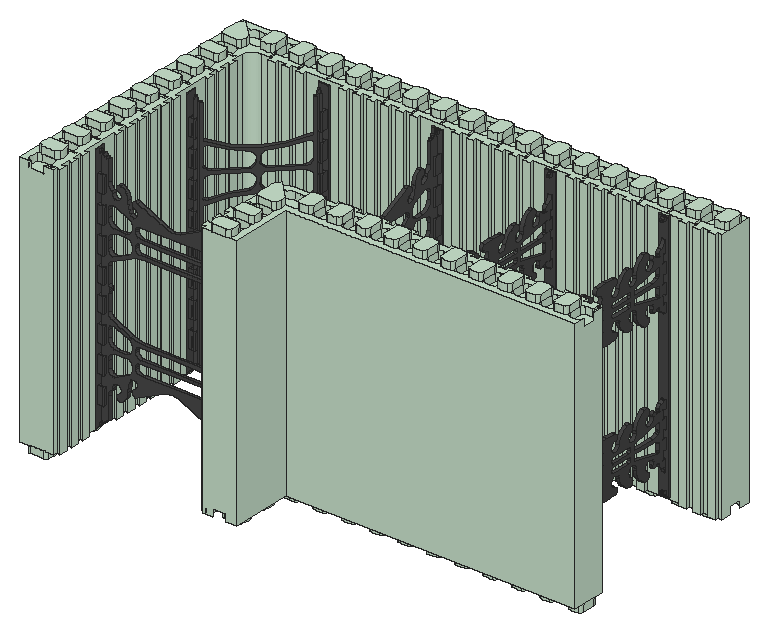
Revit family (continued)
Definition of nested family "NUDURA Diamond Pattern Missing Left Line"
  Lines and regions (in)
    model lines
      curve 126: line (4.29059, -5.625, 4.64142) -> (4.634, -5.625, 4.98484)
      curve 127: line (3.35367, -5.625, 4.98484) -> (3.69709, -5.625, 4.64142)
      curve 128: arc (3.35367, -5.625, 5.51517) -> (3.24384, -5.625, 5.25) -> (3.35367, -5.625, 4.98484) r 0.375
      curve 129: line (3.69709, -5.625, 5.85858) -> (3.35367, -5.625, 5.51517)
      curve 130: arc (4.17062, -5.625, 5.80178) -> (3.99384, -5.625, 5.875) -> (3.81706, -5.625, 5.80178) r 0.25
      curve 131: line (3.81706, -5.625, 5.80178) -> (3.44206, -5.625, 5.42678)
      curve 132: arc (3.44206, -5.625, 5.42678) -> (3.36884, -5.625, 5.25) -> (3.44206, -5.625, 5.07322) r 0.25
      curve 133: line (3.44206, -5.625, 5.07322) -> (3.81706, -5.625, 4.69822)
      curve 134: arc (3.81706, -5.625, 4.69822) -> (3.99384, -5.625, 4.625) -> (4.17062, -5.625, 4.69822) r 0.25
      curve 135: line (4.17062, -5.625, 4.69822) -> (4.54562, -5.625, 5.07322)
      curve 136: arc (4.54562, -5.625, 5.07322) -> (4.61884, -5.625, 5.25) -> (4.54562, -5.625, 5.42678) r 0.25
      curve 137: line (4.54562, -5.625, 5.42678) -> (4.17062, -5.625, 5.80178)
      curve 138: arc (3.69709, -5.625, 4.35858) -> (3.75567, -5.625, 4.5) -> (3.69709, -5.625, 4.64142) r 0.2
      curve 139: line (4.634, -5.625, 4.01517) -> (4.29059, -5.625, 4.35858)
      curve 140: arc (4.634, -5.625, 3.48484) -> (4.74384, -5.625, 3.75) -> (4.634, -5.625, 4.01517) r 0.375
      curve 141: line (4.29059, -5.625, 3.14142) -> (4.634, -5.625, 3.48484)
      curve 142: line (3.35367, -5.625, 3.48484) -> (3.69709, -5.625, 3.14142)
      curve 143: arc (3.35367, -5.625, 4.01517) -> (3.24384, -5.625, 3.75) -> (3.35367, -5.625, 3.48484) r 0.375
      curve 144: line (3.69709, -5.625, 4.35858) -> (3.35367, -5.625, 4.01517)
      curve 145: arc (4.17062, -5.625, 4.30178) -> (3.99384, -5.625, 4.375) -> (3.81706, -5.625, 4.30178) r 0.25
      curve 146: line (3.81706, -5.625, 4.30178) -> (3.44206, -5.625, 3.92678)
      curve 147: arc (3.44206, -5.625, 3.92678) -> (3.36884, -5.625, 3.75) -> (3.44206, -5.625, 3.57322) r 0.25
      curve 148: line (3.44206, -5.625, 3.57322) -> (3.81706, -5.625, 3.19822)
      curve 149: arc (3.81706, -5.625, 3.19822) -> (3.99384, -5.625, 3.125) -> (4.17062, -5.625, 3.19822) r 0.25
      curve 150: line (4.17062, -5.625, 3.19822) -> (4.54562, -5.625, 3.57322)
      curve 151: arc (4.54562, -5.625, 3.57322) -> (4.61884, -5.625, 3.75) -> (4.54562, -5.625, 3.92678) r 0.25
      curve 152: line (4.54562, -5.625, 3.92678) -> (4.17062, -5.625, 4.30178)
      curve 153: arc (3.69709, -5.625, 2.85858) -> (3.75567, -5.625, 3) -> (3.69709, -5.625, 3.14142) r 0.2
      curve 154: line (4.634, -5.625, 2.51517) -> (4.29059, -5.625, 2.85858)
      curve 155: arc (4.634, -5.625, 1.98484) -> (4.74384, -5.625, 2.25) -> (4.634, -5.625, 2.51517) r 0.375
      curve 156: line (4.29059, -5.625, 1.64142) -> (4.634, -5.625, 1.98484)
      curve 157: line (3.35367, -5.625, 1.98484) -> (3.69709, -5.625, 1.64142)
      curve 158: arc (3.35367, -5.625, 2.51517) -> (3.24384, -5.625, 2.25) -> (3.35367, -5.625, 1.98484) r 0.375
      curve 159: line (3.69709, -5.625, 2.85858) -> (3.35367, -5.625, 2.51517)
      curve 160: arc (4.17062, -5.625, 2.80178) -> (3.99384, -5.625, 2.875) -> (3.81706, -5.625, 2.80178) r 0.25
      curve 161: line (3.81706, -5.625, 2.80178) -> (3.44206, -5.625, 2.42678)
      curve 162: arc (3.44206, -5.625, 2.42678) -> (3.36884, -5.625, 2.25) -> (3.44206, -5.625, 2.07322) r 0.25
      curve 163: line (3.44206, -5.625, 2.07322) -> (3.81706, -5.625, 1.69822)
      curve 164: arc (3.81706, -5.625, 1.69822) -> (3.99384, -5.625, 1.625) -> (4.17062, -5.625, 1.69822) r 0.25
      curve 165: line (4.17062, -5.625, 1.69822) -> (4.54562, -5.625, 2.07322)
      curve 166: arc (4.54562, -5.625, 2.07322) -> (4.61884, -5.625, 2.25) -> (4.54562, -5.625, 2.42678) r 0.25
      curve 167: line (4.54562, -5.625, 2.42678) -> (4.17062, -5.625, 2.80178)
      curve 168: arc (3.69709, -5.625, 1.35858) -> (3.75567, -5.625, 1.5) -> (3.69709, -5.625, 1.64142) r 0.2
      curve 169: line (3.69709, -5.625, 1.35858) -> (3.35367, -5.625, 1.01517)
      curve 170: arc (3.35367, -5.625, 1.01517) -> (3.24384, -5.625, 0.75) -> (3.35367, -5.625, 0.48484) r 0.375
      curve 171: line (3.35367, -5.625, 0.48484) -> (3.72867, -5.625, 0.10984)
      curve 172: arc (3.72867, -5.625, 0.10984) -> (3.99384, -5.625, 0) -> (4.259, -5.625, 0.10984) r 0.375
      curve 173: line (4.259, -5.625, 0.10984) -> (4.634, -5.625, 0.48484)
      curve 174: arc (4.634, -5.625, 0.48484) -> (4.74384, -5.625, 0.75) -> (4.634, -5.625, 1.01517) r 0.375
      curve 175: line (4.634, -5.625, 1.01517) -> (4.29059, -5.625, 1.35858)
      curve 176: arc (4.29059, -5.625, 1.64142) -> (4.23201, -5.625, 1.5) -> (4.29059, -5.625, 1.35858) r 0.2
      curve 177: arc (4.17062, -5.625, 1.30178) -> (3.99384, -5.625, 1.375) -> (3.81706, -5.625, 1.30178) r 0.25
      curve 178: line (4.54562, -5.625, 0.92678) -> (4.17062, -5.625, 1.30178)
      curve 179: arc (4.54562, -5.625, 0.57322) -> (4.61884, -5.625, 0.75) -> (4.54562, -5.625, 0.92678) r 0.25
      curve 180: line (4.17062, -5.625, 0.19822) -> (4.54562, -5.625, 0.57322)
      curve 181: arc (3.81706, -5.625, 0.19822) -> (3.99384, -5.625, 0.125) -> (4.17062, -5.625, 0.19822) r 0.25
      curve 182: line (3.44206, -5.625, 0.57322) -> (3.81706, -5.625, 0.19822)
      curve 183: arc (3.44206, -5.625, 0.92678) -> (3.36884, -5.625, 0.75) -> (3.44206, -5.625, 0.57322) r 0.25
      curve 184: line (3.81706, -5.625, 1.30178) -> (3.44206, -5.625, 0.92678)
      curve 185: arc (4.29059, -5.625, 3.14142) -> (4.23201, -5.625, 3) -> (4.29059, -5.625, 2.85858) r 0.2
      curve 186: arc (4.29059, -5.625, 4.64142) -> (4.23201, -5.625, 4.5) -> (4.29059, -5.625, 4.35858) r 0.2
      curve 187: arc (4.29059, -5.625, 6.14142) -> (4.23201, -5.625, 6) -> (4.29059, -5.625, 5.85858) r 0.2
      curve 188: arc (4.29059, -5.625, 7.64142) -> (4.23201, -5.625, 7.5) -> (4.29059, -5.625, 7.35858) r 0.2
      curve 189: arc (4.29059, -5.625, 9.14142) -> (4.23201, -5.625, 9) -> (4.29059, -5.625, 8.85858) r 0.2
      curve 190: arc (4.29059, -5.625, 10.64142) -> (4.23201, -5.625, 10.5) -> (4.29059, -5.625, 10.35858) r 0.2
      curve 191: arc (4.29059, -5.625, 12.14142) -> (4.23201, -5.625, 12) -> (4.29059, -5.625, 11.85858) r 0.2
      curve 192: arc (4.29059, -5.625, 13.64142) -> (4.23201, -5.625, 13.5) -> (4.29059, -5.625, 13.35858) r 0.2
      curve 193: arc (4.29059, -5.625, 15.14142) -> (4.23201, -5.625, 15) -> (4.29059, -5.625, 14.85858) r 0.2
      curve 194: arc (4.29059, -5.625, 16.64142) -> (4.23201, -5.625, 16.5) -> (4.29059, -5.625, 16.35858) r 0.2
Definition of nested family "NUDURA Logo Diamond"
  Reference planes (in)
    plane 1 "Center (Front/Back)": y = 0
    plane 2: z = 0
    plane 3 "Center (Left/Right)": x = 0
  Lines and regions (in)
    model lines
      curve 1: line (12.59848, 0, 17.50104) -> (12.24492, 0, 17.85459)
      curve 2: line (12.36113, 0, 16.76872) -> (12.59848, 0, 17.00607)
      curve 3: line (12.59848, 0, 16.00104) -> (12.36113, 0, 16.23839)
      curve 4: line (12.36113, 0, 15.26872) -> (12.59848, 0, 15.50607)
      curve 5: line (12.59848, 0, 14.50104) -> (12.36113, 0, 14.73839)
      curve 6: line (12.36113, 0, 13.76872) -> (12.59848, 0, 14.00607)
      curve 7: line (12.17421, 0, 13.28388) -> (12.71208, 0, 12.74602)
      curve 8: line (12.71208, 0, 12.74602) -> (12.78279, 0, 12.81673)
      curve 9: line (11.28279, 0, 12.74602) -> (11.82066, 0, 13.28388)
      curve 10: line (11.63374, 0, 13.23839) -> (11.21208, 0, 12.81673)
      curve 11: line (11.3964, 0, 14.00607) -> (11.63374, 0, 13.76872)
      curve 12: line (11.63374, 0, 14.73839) -> (11.3964, 0, 14.50104)
      curve 13: line (11.3964, 0, 15.50607) -> (11.63374, 0, 15.26872)
      curve 14: line (11.63374, 0, 16.23839) -> (11.3964, 0, 16.00104)
      curve 15: line (11.3964, 0, 17.00607) -> (11.63374, 0, 16.76872)
      curve 16: line (11.74995, 0, 17.85459) -> (11.3964, 0, 17.50104)
      curve 17: line (11.82066, 0, 17.78388) -> (11.46711, 0, 17.43033)
      curve 18: line (12.52777, 0, 17.43033) -> (12.17421, 0, 17.78388)
      curve 19: line (12.17421, 0, 16.72322) -> (12.52777, 0, 17.07678)
      curve 20: line (11.46711, 0, 17.07678) -> (11.82066, 0, 16.72322)
      curve 21: arc (11.3964, 0, 17.50104) -> (11.29388, 0, 17.25355) -> (11.3964, 0, 17.00607) r 0.35
      curve 22: arc (11.74995, 0, 17.85459) -> (11.99744, 0, 17.95711) -> (12.24492, 0, 17.85459) r 0.35
      curve 23: arc (11.46711, 0, 17.43033) -> (11.39388, 0, 17.25355) -> (11.46711, 0, 17.07678) r 0.25
      curve 24: arc (12.52777, 0, 17.43033) -> (12.60099, 0, 17.25355) -> (12.52777, 0, 17.07678) r 0.25
      curve 25: arc (12.17421, 0, 16.72322) -> (11.99744, 0, 16.65) -> (11.82066, 0, 16.72322) r 0.25
      curve 26: arc (11.82066, 0, 17.78388) -> (11.99744, 0, 17.85711) -> (12.17421, 0, 17.78388) r 0.25
      curve 27: arc (12.59848, 0, 17.50104) -> (12.70099, 0, 17.25355) -> (12.59848, 0, 17.00607) r 0.35
      curve 28: arc (11.63374, 0, 16.76872) -> (11.74358, 0, 16.50355) -> (11.63374, 0, 16.23839) r 0.375
      curve 29: arc (12.36113, 0, 16.76872) -> (12.2513, 0, 16.50355) -> (12.36113, 0, 16.23839) r 0.375
      curve 30: line (12.36113, 0, 15.26872) -> (12.59848, 0, 15.50607)
      curve 31: line (11.3964, 0, 15.50607) -> (11.63374, 0, 15.26872)
      curve 32: line (11.82066, 0, 16.28388) -> (11.46711, 0, 15.93033)
      curve 33: line (12.52777, 0, 15.93033) -> (12.17421, 0, 16.28388)
      curve 34: line (12.17421, 0, 15.22322) -> (12.52777, 0, 15.57678)
      curve 35: line (11.46711, 0, 15.57678) -> (11.82066, 0, 15.22322)
      curve 36: arc (11.3964, 0, 16.00104) -> (11.29388, 0, 15.75355) -> (11.3964, 0, 15.50607) r 0.35
      curve 37: arc (11.46711, 0, 15.93033) -> (11.39388, 0, 15.75355) -> (11.46711, 0, 15.57678) r 0.25
      curve 38: arc (12.52777, 0, 15.93033) -> (12.60099, 0, 15.75355) -> (12.52777, 0, 15.57678) r 0.25
      curve 39: arc (12.17421, 0, 15.22322) -> (11.99744, 0, 15.15) -> (11.82066, 0, 15.22322) r 0.25
      curve 40: arc (11.82066, 0, 16.28388) -> (11.99744, 0, 16.35711) -> (12.17421, 0, 16.28388) r 0.25
      curve 41: arc (12.59848, 0, 16.00104) -> (12.70099, 0, 15.75355) -> (12.59848, 0, 15.50607) r 0.35
      curve 42: line (11.63374, 0, 16.23839) -> (11.3964, 0, 16.00104)
      curve 43: line (12.59848, 0, 16.00104) -> (12.36113, 0, 16.23839)
      curve 44: arc (11.63374, 0, 15.26872) -> (11.74358, 0, 15.00355) -> (11.63374, 0, 14.73839) r 0.375
      curve 45: arc (12.36113, 0, 15.26872) -> (12.2513, 0, 15.00355) -> (12.36113, 0, 14.73839) r 0.375
      curve 46: line (12.36113, 0, 13.76872) -> (12.59848, 0, 14.00607)
      curve 47: line (11.3964, 0, 14.00607) -> (11.63374, 0, 13.76872)
      curve 48: line (11.82066, 0, 14.78388) -> (11.46711, 0, 14.43033)
      curve 49: line (12.52777, 0, 14.43033) -> (12.17421, 0, 14.78388)
      curve 50: line (12.17421, 0, 13.72322) -> (12.52777, 0, 14.07678)
      curve 51: line (11.46711, 0, 14.07678) -> (11.82066, 0, 13.72322)
      curve 52: arc (11.3964, 0, 14.50104) -> (11.29388, 0, 14.25355) -> (11.3964, 0, 14.00607) r 0.35
      curve 53: arc (11.46711, 0, 14.43033) -> (11.39388, 0, 14.25355) -> (11.46711, 0, 14.07678) r 0.25
      curve 54: arc (12.52777, 0, 14.43033) -> (12.60099, 0, 14.25355) -> (12.52777, 0, 14.07678) r 0.25
      curve 55: arc (12.17421, 0, 13.72322) -> (11.99744, 0, 13.65) -> (11.82066, 0, 13.72322) r 0.25
      curve 56: arc (11.82066, 0, 14.78388) -> (11.99744, 0, 14.85711) -> (12.17421, 0, 14.78388) r 0.25
      curve 57: arc (12.59848, 0, 14.50104) -> (12.70099, 0, 14.25355) -> (12.59848, 0, 14.00607) r 0.35
      curve 58: line (11.63374, 0, 14.73839) -> (11.3964, 0, 14.50104)
      curve 59: arc (11.63374, 0, 13.76872) -> (11.74358, 0, 13.50355) -> (11.63374, 0, 13.23839) r 0.375
      curve 60: arc (12.36113, 0, 13.76872) -> (12.2513, 0, 13.50355) -> (12.36113, 0, 13.23839) r 0.375
      curve 61: line (12.78279, 0, 12.81673) -> (12.36113, 0, 13.23839)
      curve 62: line (11.21208, 0, 12.81673) -> (11.28279, 0, 12.74602)
      curve 63: arc (11.82066, 0, 13.28388) -> (11.99744, 0, 13.35711) -> (12.17421, 0, 13.28388) r 0.25
      curve 64: line (12.59848, 0, 0.50607) -> (12.24492, 0, 0.15251)
      curve 65: line (12.36113, 0, 1.23839) -> (12.59848, 0, 1.00104)
      curve 66: line (12.59848, 0, 2.00607) -> (12.36113, 0, 1.76872)
      curve 67: line (12.36113, 0, 2.73839) -> (12.59848, 0, 2.50104)
      curve 68: line (12.59848, 0, 3.50607) -> (12.36113, 0, 3.26872)
      curve 69: line (12.36113, 0, 4.23839) -> (12.59848, 0, 4.00104)
      curve 70: line (12.17421, 0, 4.72322) -> (12.71208, 0, 5.26109)
      curve 71: line (12.71208, 0, 5.26109) -> (12.78279, 0, 5.19038)
      curve 72: line (11.28279, 0, 5.26109) -> (11.82066, 0, 4.72322)
      curve 73: line (11.63374, 0, 4.76872) -> (11.21208, 0, 5.19038)
      curve 74: line (11.3964, 0, 4.00104) -> (11.63374, 0, 4.23839)
      curve 75: line (11.63374, 0, 3.26872) -> (11.3964, 0, 3.50607)
      curve 76: line (11.3964, 0, 2.50104) -> (11.63374, 0, 2.73839)
      curve 77: line (11.63374, 0, 1.76872) -> (11.3964, 0, 2.00607)
      curve 78: line (11.3964, 0, 1.00104) -> (11.63374, 0, 1.23839)
      curve 79: line (11.74995, 0, 0.15251) -> (11.3964, 0, 0.50607)
      curve 80: line (11.82066, 0, 0.22322) -> (11.46711, 0, 0.57678)
      curve 81: line (12.52777, 0, 0.57678) -> (12.17421, 0, 0.22322)
      curve 82: line (12.17421, 0, 1.28388) -> (12.52777, 0, 0.93033)
      curve 83: line (11.46711, 0, 0.93033) -> (11.82066, 0, 1.28388)
      curve 84: arc (11.3964, 0, 0.50607) -> (11.29388, 0, 0.75355) -> (11.3964, 0, 1.00104) r 0.35
      curve 85: arc (11.74995, 0, 0.15251) -> (11.99744, 0, 0.05) -> (12.24492, 0, 0.15251) r 0.35
      curve 86: arc (11.46711, 0, 0.57678) -> (11.39388, 0, 0.75355) -> (11.46711, 0, 0.93033) r 0.25
      curve 87: arc (12.52777, 0, 0.57678) -> (12.60099, 0, 0.75355) -> (12.52777, 0, 0.93033) r 0.25
      curve 88: arc (12.17421, 0, 1.28388) -> (11.99744, 0, 1.35711) -> (11.82066, 0, 1.28388) r 0.25
      curve 89: arc (11.82066, 0, 0.22322) -> (11.99744, 0, 0.15) -> (12.17421, 0, 0.22322) r 0.25
      curve 90: arc (12.59848, 0, 0.50607) -> (12.70099, 0, 0.75355) -> (12.59848, 0, 1.00104) r 0.35
      curve 91: arc (11.63374, 0, 1.23839) -> (11.74358, 0, 1.50355) -> (11.63374, 0, 1.76872) r 0.375
      curve 92: arc (12.36113, 0, 1.23839) -> (12.2513, 0, 1.50355) -> (12.36113, 0, 1.76872) r 0.375
      curve 93: line (12.36113, 0, 2.73839) -> (12.59848, 0, 2.50104)
      curve 94: line (11.3964, 0, 2.50104) -> (11.63374, 0, 2.73839)
      curve 95: line (11.82066, 0, 1.72322) -> (11.46711, 0, 2.07678)
      curve 96: line (12.52777, 0, 2.07678) -> (12.17421, 0, 1.72322)
      curve 97: line (12.17421, 0, 2.78388) -> (12.52777, 0, 2.43033)
      curve 98: line (11.46711, 0, 2.43033) -> (11.82066, 0, 2.78388)
      curve 99: arc (11.3964, 0, 2.00607) -> (11.29388, 0, 2.25355) -> (11.3964, 0, 2.50104) r 0.35
      curve 100: arc (11.46711, 0, 2.07678) -> (11.39388, 0, 2.25355) -> (11.46711, 0, 2.43033) r 0.25
      curve 101: arc (12.52777, 0, 2.07678) -> (12.60099, 0, 2.25355) -> (12.52777, 0, 2.43033) r 0.25
      curve 102: arc (12.17421, 0, 2.78388) -> (11.99744, 0, 2.85711) -> (11.82066, 0, 2.78388) r 0.25
      curve 103: arc (11.82066, 0, 1.72322) -> (11.99744, 0, 1.65) -> (12.17421, 0, 1.72322) r 0.25
      curve 104: arc (12.59848, 0, 2.00607) -> (12.70099, 0, 2.25355) -> (12.59848, 0, 2.50104) r 0.35
      curve 105: line (11.63374, 0, 1.76872) -> (11.3964, 0, 2.00607)
      curve 106: line (12.59848, 0, 2.00607) -> (12.36113, 0, 1.76872)
      curve 107: arc (11.63374, 0, 2.73839) -> (11.74358, 0, 3.00355) -> (11.63374, 0, 3.26872) r 0.375
      curve 108: arc (12.36113, 0, 2.73839) -> (12.2513, 0, 3.00355) -> (12.36113, 0, 3.26872) r 0.375
      curve 109: line (12.36113, 0, 4.23839) -> (12.59848, 0, 4.00104)
      curve 110: line (11.3964, 0, 4.00104) -> (11.63374, 0, 4.23839)
      curve 111: line (11.82066, 0, 3.22322) -> (11.46711, 0, 3.57678)
      curve 112: line (12.52777, 0, 3.57678) -> (12.17421, 0, 3.22322)
      curve 113: line (12.17421, 0, 4.28388) -> (12.52777, 0, 3.93033)
      curve 114: line (11.46711, 0, 3.93033) -> (11.82066, 0, 4.28388)
      curve 115: arc (11.3964, 0, 3.50607) -> (11.29388, 0, 3.75355) -> (11.3964, 0, 4.00104) r 0.35
      curve 116: arc (11.46711, 0, 3.57678) -> (11.39388, 0, 3.75355) -> (11.46711, 0, 3.93033) r 0.25
      curve 117: arc (12.52777, 0, 3.57678) -> (12.60099, 0, 3.75355) -> (12.52777, 0, 3.93033) r 0.25
      curve 118: arc (12.17421, 0, 4.28388) -> (11.99744, 0, 4.35711) -> (11.82066, 0, 4.28388) r 0.25
      curve 119: arc (11.82066, 0, 3.22322) -> (11.99744, 0, 3.15) -> (12.17421, 0, 3.22322) r 0.25
      curve 120: arc (12.59848, 0, 3.50607) -> (12.70099, 0, 3.75355) -> (12.59848, 0, 4.00104) r 0.35
      curve 121: line (11.63374, 0, 3.26872) -> (11.3964, 0, 3.50607)
      curve 122: arc (11.63374, 0, 4.23839) -> (11.74358, 0, 4.50355) -> (11.63374, 0, 4.76872) r 0.375
      curve 123: arc (12.36113, 0, 4.23839) -> (12.2513, 0, 4.50355) -> (12.36113, 0, 4.76872) r 0.375
      curve 124: line (12.78279, 0, 5.19038) -> (12.36113, 0, 4.76872)
      curve 125: line (11.21208, 0, 5.19038) -> (11.28279, 0, 5.26109)
      curve 126: arc (11.82066, 0, 4.72322) -> (11.99744, 0, 4.65) -> (12.17421, 0, 4.72322) r 0.25
      curve 127: line (12.37244, 0, 12.50355) -> (11.62244, 0, 12.50355)
      curve 128: line (12.74744, 0, 5.87855) -> (12.74744, 0, 12.12855)
      curve 129: line (11.24744, 0, 12.12855) -> (11.24744, 0, 5.87855)
      curve 130: line (11.62244, 0, 5.50355) -> (12.37244, 0, 5.50355)
      curve 131: line (12.47232, 0, 12.00355) -> (12.0393, 0, 12.25355)
      curve 132: line (12.47232, 0, 11.50355) -> (12.47232, 0, 12.00355)
      curve 133: line (12.25581, 0, 11.37855) -> (12.47232, 0, 11.50355)
      curve 134: line (12.02256, 0, 11.51322) -> (12.25581, 0, 11.37855)
      curve 135: line (12.22232, 0, 11.62855) -> (12.02256, 0, 11.51322)
      curve 136: line (11.80605, 0, 12.11888) -> (12.22232, 0, 11.87855)
      curve 137: line (12.22232, 0, 11.87855) -> (12.22232, 0, 11.62855)
      curve 138: line (12.0393, 0, 12.25355) -> (11.80605, 0, 12.11888)
      curve 139: line (11.77256, 0, 11.63822) -> (11.97232, 0, 11.75355)
      curve 140: line (11.97232, 0, 11.75355) -> (11.73906, 0, 11.88822)
      curve 141: line (11.73906, 0, 11.88822) -> (11.52256, 0, 11.76322)
      curve 142: line (11.52256, 0, 11.76322) -> (11.52256, 0, 11.26322)
      curve 143: line (11.77256, 0, 11.38822) -> (11.77256, 0, 11.63822)
      curve 144: line (12.18882, 0, 11.14789) -> (11.77256, 0, 11.38822)
      curve 145: line (11.95557, 0, 11.01322) -> (12.18882, 0, 11.14789)
      curve 146: line (11.52256, 0, 11.26322) -> (11.95557, 0, 11.01322)
      curve 147: line (12.31108, 0, 10.60411) -> (11.68379, 0, 10.74458)
      curve 148: line (11.68379, 0, 10.74458) -> (11.68379, 0, 10.51321)
      curve 149: line (11.68379, 0, 10.51321) -> (12.1295, 0, 10.41405)
      curve 150: line (12.1295, 0, 10.41405) -> (11.68379, 0, 10.27358)
      curve 151: line (11.68379, 0, 10.27358) -> (11.68379, 0, 9.8852)
      curve 152: line (11.68379, 0, 9.8852) -> (12.17077, 0, 9.77615)
      curve 153: line (12.17077, 0, 9.77615) -> (12.17077, 0, 9.74472)
      curve 154: line (12.17077, 0, 9.74472) -> (11.86146, 0, 9.80279)
      curve 155: line (11.68379, 0, 9.65536) -> (11.68379, 0, 9.35864)
      curve 156: line (12.07077, 0, 8.74385) -> (12.07077, 0, 8.99996)
      curve 157: line (12.07077, 0, 8.99996) -> (11.68379, 0, 9.08605)
      curve 158: line (11.68379, 0, 9.08605) -> (11.68379, 0, 8.47809)
      curve 159: line (11.91823, 0, 9.06589) -> (12.31108, 0, 8.97792)
      curve 160: line (11.82444, 0, 8.55476) -> (11.82444, 0, 8.79865)
      curve 161: line (11.82444, 0, 8.79865) -> (12.07077, 0, 8.74385)
      curve 162: line (11.68379, 0, 8.07193) -> (11.68379, 0, 7.77522)
      curve 163: line (11.91823, 0, 7.48247) -> (12.21108, 0, 7.41688)
      curve 164: line (12.21108, 0, 7.41688) -> (12.21108, 0, 6.95405)
      curve 165: line (12.16108, 0, 6.90405) -> (12.12077, 0, 6.90405)
      curve 166: line (12.07077, 0, 6.95405) -> (12.07077, 0, 7.08675)
      curve 167: line (12.07077, 0, 7.08675) -> (12.12077, 0, 7.07556)
      curve 168: line (12.12077, 0, 7.07556) -> (12.12077, 0, 7.33463)
      curve 169: line (12.12077, 0, 7.33463) -> (11.68379, 0, 7.43249)
      curve 170: line (11.68379, 0, 7.43249) -> (11.68379, 0, 7.17341)
      curve 171: line (11.68379, 0, 7.17341) -> (11.97077, 0, 7.10915)
      curve 172: line (11.97077, 0, 7.10915) -> (11.97077, 0, 6.99425)
      curve 173: line (11.92077, 0, 6.94425) -> (11.68379, 0, 6.94425)
      curve 174: line (11.68379, 0, 6.94425) -> (11.68379, 0, 6.45682)
      curve 175: line (11.68379, 0, 6.45682) -> (11.78284, 0, 6.38658)
      curve 176: line (11.78284, 0, 6.38658) -> (11.78284, 0, 6.05178)
      curve 177: line (12.12371, 0, 6.14486) -> (11.88284, 0, 6.31567)
      curve 178: line (11.88284, 0, 6.31567) -> (11.88284, 0, 6.07909)
      curve 179: line (11.88284, 0, 6.07909) -> (12.12371, 0, 6.14486)
      curve 180: line (11.78284, 0, 6.05178) -> (11.68379, 0, 6.02474)
      curve 181: line (11.68379, 0, 6.02474) -> (11.68379, 0, 5.75355)
      curve 182: line (11.68379, 0, 5.75355) -> (12.31108, 0, 5.92483)
      curve 183: line (12.31108, 0, 5.92483) -> (12.31108, 0, 6.28791)
      curve 184: line (12.31108, 0, 6.28791) -> (11.76249, 0, 6.67694)
      curve 185: line (11.76249, 0, 6.67694) -> (11.90321, 0, 6.67694)
      curve 186: line (12.31108, 0, 6.78674) -> (12.31108, 0, 7.63562)
      curve 187: line (12.31108, 0, 7.63562) -> (11.90258, 0, 7.7271)
      curve 188: line (11.82444, 0, 7.82469) -> (11.82444, 0, 7.92839)
      curve 189: line (11.88536, 0, 7.97718) -> (12.31108, 0, 7.88185)
      curve 190: line (12.31108, 0, 7.88185) -> (12.31108, 0, 8.13496)
      curve 191: line (12.31108, 0, 8.13496) -> (12.08042, 0, 8.17826)
      curve 192: line (12.31108, 0, 8.38353) -> (12.31108, 0, 8.9465)
      curve 193: line (12.31108, 0, 8.9465) -> (12.17077, 0, 8.97771)
      curve 194: line (12.17077, 0, 8.97771) -> (12.17077, 0, 8.55476)
      curve 195: line (12.31108, 0, 8.97792) -> (12.31108, 0, 9.21905)
      curve 196: line (12.31108, 0, 9.21905) -> (11.90258, 0, 9.31053)
      curve 197: line (11.82444, 0, 9.40811) -> (11.82444, 0, 9.51182)
      curve 198: line (11.87938, 0, 9.56195) -> (12.31108, 0, 9.46528)
      curve 199: line (12.31108, 0, 9.46528) -> (12.31108, 0, 9.98469)
      curve 200: line (12.31108, 0, 9.98469) -> (11.90664, 0, 10.07526)
      curve 201: line (11.90664, 0, 10.07526) -> (12.31108, 0, 10.20747)
      curve 202: line (12.31108, 0, 10.20747) -> (12.31108, 0, 10.60411)
      curve 203: arc (11.68379, 0, 9.65536) -> (11.73801, 0, 9.7708) -> (11.86146, 0, 9.80279) r 0.15
      curve 204: arc (11.68379, 0, 9.35864) -> (11.74962, 0, 9.17112) -> (11.91823, 0, 9.06589) r 0.3
      curve 205: arc (11.84417, 0, 8.22149) -> (11.72718, 0, 8.32679) -> (11.68379, 0, 8.47809) r 0.28547
      curve 206: arc (11.68379, 0, 8.07193) -> (11.73147, 0, 8.18158) -> (11.84417, 0, 8.22149) r 0.14992
      curve 207: arc (11.68379, 0, 7.77522) -> (11.74962, 0, 7.58769) -> (11.91823, 0, 7.48247) r 0.3
      curve 208: arc (11.82444, 0, 7.82469) -> (11.84638, 0, 7.76218) -> (11.90258, 0, 7.7271) r 0.1
      curve 209: arc (11.82444, 0, 7.92839) -> (11.84318, 0, 7.96742) -> (11.88536, 0, 7.97718) r 0.05
      curve 210: arc (12.12077, 0, 6.90405) -> (12.08541, 0, 6.91869) -> (12.07077, 0, 6.95405) r 0.05
      curve 211: arc (12.16108, 0, 6.90405) -> (12.19644, 0, 6.91869) -> (12.21108, 0, 6.95405) r 0.05
      curve 212: arc (11.97077, 0, 6.99425) -> (11.95612, 0, 6.95889) -> (11.92077, 0, 6.94425) r 0.05
      curve 213: arc (11.90321, 0, 6.67694) -> (11.96756, 0, 6.70069) -> (12.00104, 0, 6.76055) r 0.09904
      curve 214: arc (12.00104, 0, 6.76055) -> (12.1681, 0, 6.63117) -> (12.31108, 0, 6.78674) r 0.15613
      curve 215: arc (12.08042, 0, 8.17826) -> (12.24181, 0, 8.22914) -> (12.31108, 0, 8.38353) r 0.20667
      curve 216: arc (11.82444, 0, 8.55476) -> (11.9976, 0, 8.3816) -> (12.17077, 0, 8.55476) r 0.17317
      curve 217: arc (11.82444, 0, 9.40811) -> (11.84638, 0, 9.34561) -> (11.90258, 0, 9.31053) r 0.1
      curve 218: arc (11.82444, 0, 9.51182) -> (11.8459, 0, 9.55306) -> (11.892, 0, 9.55913) r 0.05034
      curve 219: arc (11.24744, 0, 12.12855) -> (11.35727, 0, 12.39372) -> (11.62244, 0, 12.50355) r 0.375
      curve 220: arc (12.37244, 0, 12.50355) -> (12.6376, 0, 12.39372) -> (12.74744, 0, 12.12855) r 0.375
      curve 221: arc (11.24744, 0, 5.87855) -> (11.35727, 0, 5.61339) -> (11.62244, 0, 5.50355) r 0.375
      curve 222: arc (12.37244, 0, 5.50355) -> (12.6376, 0, 5.61339) -> (12.74744, 0, 5.87855) r 0.375
      curve 223: line (9.99744, 0, 18) -> (9.99744, 0, 0)
      curve 224: line (13.99744, 0, 18) -> (13.99744, 0, 0)
      curve 225: line (15.99744, 0, 18) -> (15.99744, 0, 0)
